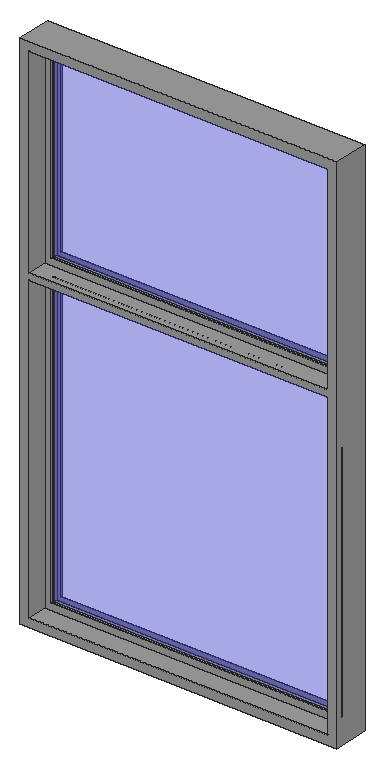
Revit family "SFH 4 FX004", category Windows, host Wall, Revit 2015
Parameters
  Wall Thickness [instance] = 0' - 6"
  URL = "obe.com"
  Transom Height = 2' - 0"
  Rough Width = Width + 0' 0 1/2"  # 3' - 0 1/2"
  Rough Height = Height + 0' 0 1/2"  # 5' - 0 1/2"
  Offset Limitation [instance] = if((Offset + 0' 4") > Wall Thickness, (Wall Thickness - 0' 4"), Offset)  # 0' - 0"
  Offset [instance] = 0' - 0"
  Model = "SS_4_FX"
  Manufacturer = "Oldcastle Building Envelope®"
  Keynote = "085100"
  Height = Fixed Height + Transom Height  # 5' - 0"
  Glass Material = Glass
  Gasket Material = Gasket
  Frame Material = Aluminum
  Fixed Height = 3' - 0"
  Description = "SIGNATURE FIXED HUNG 4\""
  Default Sill Height = 3' - 0"
  Wall Closure = By host
  Width = 3' - 0"
  Assembly Code = "B2020"
Reference planes (in)
  plane 1 "Center (Front/Back)": y = 0
  plane 2: z = 0
  plane 3 "Center (Left/Right)": x = 0
  plane 4 "Left": x = -18.25
  plane 5 "Right": x = 18.25
  plane 6 "Sill": z = 36
  plane 7 "Top": z = 96.5
  plane 8 "Offset": y = 3
  plane 9: x = 18
  plane 10: z = 96.25
  plane 11: x = -18
  plane 12: z = 36.25
  plane 13 "Center": z = 72.25
  plane 14: z = 37.312
  plane 15: z = 71.6255
  plane 16: z = 72.8745
  plane 17: z = 95.188
Forms (in)
  Sweep 1, solid, material "Aluminum" <- "Frame Material"
    path origin (0, 3, 0) x (1, 0, 0) y (0, 0, 1)
      loop
        line (18.25, 36.25) -> (-18.25, 36.25)
    profile origin (0, 3, 36.25) x (0, 0, -1) y (0, -1, 0)
      loop
        line (0.25, 4) -> (-0.8125, 4) -> (-0.8125, 1.781) -> (-1.5625, 1.781) -> (-1.5625, 1.41812) -> (-1.062, 1.41812) -> (-1.062, 0.3125) -> (-1.5625, 0.3125) -> (-1.5625, 0.1875) -> (-0.8125, 0.1875) -> (-0.8125, 0) -> (0.25, 0) -> (0.25, 4)
  Sweep 2, solid, material "Aluminum" <- "Frame Material"
    path origin (0, 3, 0) x (1, 0, 0) y (0, 0, 1)
      loop
        line (-18.25, 96.25) -> (18.25, 96.25)
    profile origin (0, 3, 96.25) x (0, 0, 1) y (0, -1, 0)
      loop
        line (0.25, 4) -> (-0.8125, 4) -> (-0.8125, 1.781) -> (-1.5625, 1.781) -> (-1.5625, 1.41812) -> (-1.062, 1.41812) -> (-1.062, 0.3125) -> (-1.5625, 0.3125) -> (-1.5625, 0.1875) -> (-0.8125, 0.1875) -> (-0.8125, 0) -> (0.25, 0) -> (0.25, 4)
  Sweep 3, solid, material "Aluminum" <- "Frame Material"
    path origin (0, 3, 0) x (1, 0, 0) y (0, 0, 1)
      loop
        line (-18.25, 72.25) -> (18.25, 72.25)
    profile origin (0, 3, 72.25) x (0, 0, 1) y (0, -1, 0)
      loop
        line (-0.375, 4) -> (-0.375, 1.781) -> (-1.125, 1.781) -> (-1.125, 1.41813) -> (-0.6245, 1.41813) -> (-0.6245, 0.3125) -> (-1.125, 0.3125) -> (-1.125, 0.1875) -> (1.125, 0.1875) -> (1.125, 0.3125) -> (0.6245, 0.3125) -> (0.6245, 1.41813) -> (1.125, 1.41813) -> (1.125, 1.781) -> (0.375, 1.781) -> (0.375, 4) -> (-0.375, 4)
  Extrusion 4, solid, material "Glass" <- "Glass Material", detail levels coarse
    sketch origin (0, 0, 36) x (0, -1, 0) y (1, 0, 0)
      loop
        line (-2.6875, 16.938) -> (-2.6875, -16.938) -> (-1.6875, -16.938) -> (-1.6875, 16.938) -> (-2.6875, 16.938)
    from 1.312 to 35.6255
  Extrusion 5, solid, material "Glass" <- "Glass Material", detail levels coarse
    sketch origin (0, 0, 60.36634) x (0, -1, 0) y (1, 0, 0)
      loop
        line (-2.6875, 16.938) -> (-2.6875, -16.938) -> (-1.6875, -16.938) -> (-1.6875, 16.938) -> (-2.6875, 16.938)
    from 12.50816 to 34.82166
  Sweep 6, solid, material "Gasket" <- "Gasket Material", detail levels fine
    path origin (0, 3, 0) x (1, 0, 0) y (0, 0, 1)
      loop
        line (16.4375, 94.6875) -> (-16.4375, 94.6875) -> (-16.4375, 73.375) -> (16.4375, 73.375) -> (16.4375, 94.6875)
    profile origin (0, 3, 94.6875) x (0, 0, -1) y (0, -1, 0)
      loop
        arc (-0.23735, 1.41812) -> (-0.25646, 1.36372) -> (-0.22996, 1.3125) r 0.07273
        line (-0.22996, 1.3125) -> (-0.12293, 1.3125)
        arc (-0.12293, 1.3125) -> (-0.09161, 1.36298) -> (-0.11369, 1.41812) r 0.06584
        line (-0.11369, 1.41812) -> (-0.23735, 1.41812)
  Sweep 7, solid, material "Gasket" <- "Gasket Material", detail levels fine
    path origin (0, 3, 0) x (1, 0, 0) y (0, 0, 1)
      loop
        line (16.4375, 71.125) -> (-16.4375, 71.125) -> (-16.4375, 37.8125) -> (16.4375, 37.8125) -> (16.4375, 71.125)
    profile origin (0, 3, 71.125) x (0, 0, -1) y (0, -1, 0)
      loop
        arc (-0.23742, 1.41812) -> (-0.25737, 1.36311) -> (-0.228, 1.3125) r 0.06915
        line (-0.228, 1.3125) -> (-0.122, 1.3125)
        arc (-0.122, 1.3125) -> (-0.09392, 1.36323) -> (-0.11258, 1.41812) r 0.07165
        line (-0.11258, 1.41812) -> (-0.23742, 1.41812)
  Sweep 8, solid, material "Aluminum" <- "Frame Material"
    path origin (0, 3, 0) x (1, 0, 0) y (0, 0, 1)
      loop
        line (18, 96.5) -> (18, 36)
    profile origin (18, 3, 66.25) x (0, -1, 0) y (1, 0, 0)
      loop
        line (0, -0.8125) -> (0.1875, -0.8125) -> (0.1875, -1.5625) -> (0.3125, -1.5625) -> (0.3125, -1.062) -> (1.41813, -1.062) -> (1.41813, -1.5625) -> (1.781, -1.5625) -> (1.781, -0.8125) -> (4, -0.8125) -> (4, 0.25) -> (0, 0.25) -> (0, -0.8125)
  Sweep 9, solid, material "Aluminum" <- "Frame Material"
    path origin (0, 3, 0) x (1, 0, 0) y (0, 0, 1)
      loop
        line (-18, 96.5) -> (-18, 36)
    profile origin (-18, 3, 66.25) x (0, -1, 0) y (1, 0, 0)
      loop
        line (0, -0.25) -> (4, -0.25) -> (4, 0.8125) -> (1.781, 0.8125) -> (1.781, 1.5625) -> (1.41812, 1.5625) -> (1.41812, 1.062) -> (0.3125, 1.062) -> (0.3125, 1.5625) -> (0.1875, 1.5625) -> (0.1875, 0.8125) -> (0, 0.8125) -> (0, -0.25)
  Extrusion 10, solid, material "Glass" <- "Glass Material", detail levels medium+fine
    sketch origin (0, 0, 36) x (0, -1, 0) y (1, 0, 0)
      loop
        line (-2.6875, -16.938) -> (-2.5625, -16.938) -> (-2.5625, 16.938) -> (-2.6875, 16.938) -> (-2.6875, -16.938)
      loop
        line (-1.6875, 16.938) -> (-1.8125, 16.938) -> (-1.8125, -16.938) -> (-1.6875, -16.938) -> (-1.6875, 16.938)
    from 1.312 to 35.6255
  Extrusion 11, solid, material "Glass" <- "Glass Material", detail levels medium+fine
    sketch origin (0, 0, 0) x (1, 0, 0) y (0, 1, 0)
      loop
        line (-16.938, 2.6875) -> (-16.938, 2.5625) -> (16.938, 2.5625) -> (16.938, 2.6875) -> (-16.938, 2.6875)
      loop
        line (16.938, 1.8125) -> (-16.938, 1.8125) -> (-16.938, 1.6875) -> (16.938, 1.6875) -> (16.938, 1.8125)
    from 72.8745 to 95.188
Cuts and joins
  joined: Sweep 1, Sweep 2, Sweep 3, Sweep 8, Sweep 9
Lines and regions (in)
  Opening 1
    outline origin (-60, -3, 0) x (1, 0, 0) y (0, 0, 1)
      loop
        line (41.75, 96.5) -> (41.75, 36) -> (78.25, 36) -> (78.25, 96.5) -> (41.75, 96.5)
Text (in)
  text "EXTERIOR" at (-58.6888, 50.90694, 0), in view "Ref. Level"
  text "INTERIOR" at (-58.6888, -37.76638, 0), in view "Ref. Level"
  text "Exterior" at (0, 43.65631, 123.19604), in view "Left"
  text "Exterior" at (0, 18.29385, 125.04747), in view "Right"
Dimensions and locks (in)
  equal spacing: plane 4 "Left", plane 3 "Center (Left/Right)", plane 5 "Right"
  "Rough Width": plane 4 "Left" to plane 5 "Right"
  "Default Sill Height": plane 2 to plane 6 "Sill"
  "Offset Limitation": plane 8 "Offset" to host wall
  "Wall Thickness": host wall to host wall
  locked: plane 9 to plane 5 "Right" at 0.25
  locked: plane 6 "Sill" to plane 12 at 0.25
  "Fixed Height": plane 12 to plane 13 "Center"
  "Transom Height": plane 13 "Center" to plane 10
  "Rough Height": plane 6 "Sill" to plane 7 "Top"
  "Width": plane 11 to plane 9
  Extrusion 4 sketch curve to Extrusion 4 sketch curve to plane 8 "Offset" = 0' - 1" locked, 0' - 0 5/16" locked
  Extrusion 5 sketch curve to Extrusion 5 sketch curve to plane 8 "Offset" = 0' - 1" locked, 0' - 0 5/16" locked
  locked: plane 12 to plane 14 at 1.062
  plane 16 to plane 13 "Center" to plane 15 = 0' - 0.6245" locked, 0' - 0.6245" locked
  locked: plane 10 to plane 17 at 1.062
  plane 8 "Offset" to Extrusion 10 sketch curve to Extrusion 10 sketch curve to Extrusion 10 sketch curve to Extrusion 10 sketch curve = 0' - 0 5/16" locked, 0' - 0 1/8" locked, 0' - 0 3/4" locked, 0' - 0 1/8" locked
  Extrusion 11 sketch curve to Extrusion 11 sketch curve to Extrusion 11 sketch curve to Extrusion 11 sketch curve to plane 8 "Offset" = 0' - 0 1/8" locked, 0' - 0 3/4" locked, 0' - 0 1/8" locked, 0' - 0 5/16" locked
  aligned and locked: plane 7 "Top" to Opening 1 sketch curve
  aligned and locked: plane 6 "Sill" to Opening 1 sketch curve  (x2)
  aligned and locked: plane 5 "Right" to Opening 1 sketch curve
  aligned and locked: plane 4 "Left" to Opening 1 sketch curve
  aligned and locked: level to plane 2
  aligned and locked: plane 8 "Offset" to nested 2
  aligned and locked: plane 12 to nested 2
  aligned and locked: plane 12 to Sweep 1 sketch curve
  aligned and locked: Sweep 3 sketch curve to plane 13 "Center"
  aligned and locked: plane 14 to Extrusion 4
  aligned and locked: plane 15 to Extrusion 4
  aligned and locked: Extrusion 5 to plane 16
  aligned and locked: plane 17 to Extrusion 5
  aligned and locked: plane 12 to nested 1
  aligned and locked: plane 3 "Center (Left/Right)" to nested 1
  aligned and locked: plane 8 "Offset" to nested 1
  aligned and locked: plane 14 to Extrusion 10
  aligned and locked: plane 15 to Extrusion 10
  aligned and locked: Extrusion 11 to plane 16
  aligned and locked: plane 17 to Extrusion 11
  aligned and locked: plane 3 "Center (Left/Right)" to nested 2
Automatic sketch dimensions
  plane 4 "Left" to Sweep 1 sketch curve = 0' - 0"
  plane 5 "Right" to Sweep 1 sketch curve = 0' - 0"
  Sweep 1 sketch curve to plane 8 "Offset" = 0' - 0"
  plane 8 "Offset" to Sweep 1 sketch curve = 0' - 0 5/16"
  profile plane to Sweep 1 sketch curve = 0' - 1 9/16"
  Sweep 1 sketch curve to Sweep 1 sketch curve = 0' - 0"
  Sweep 1 sketch curve to Sweep 1 sketch curve = 0' - 0.5005"
  profile plane to Sweep 1 sketch curve = 0' - 0 13/16"
  Sweep 1 sketch curve to Sweep 1 sketch curve = 0' - 0.2495"
  Sweep 1 sketch curve to profile plane = 0' - 0 1/4"
  Sweep 1 sketch curve to Sweep 1 sketch curve = 0' - 0 3/16"
  Sweep 1 sketch curve to Sweep 1 sketch curve = 0' - 1.10562"
  Sweep 1 sketch curve to Sweep 1 sketch curve = 0' - 0.36288"
  Sweep 1 sketch curve to Sweep 1 sketch curve = 0' - 2.219"
  plane 4 "Left" to Sweep 2 sketch curve = 0' - 0"
  plane 5 "Right" to Sweep 2 sketch curve = 0' - 0"
  Sweep 2 sketch curve to plane 10 = 0' - 0"
  Sweep 2 sketch curve to plane 8 "Offset" = 0' - 0"
  plane 8 "Offset" to Sweep 2 sketch curve = 0' - 0 5/16"
  profile plane to Sweep 2 sketch curve = 0' - 1 9/16"
  Sweep 2 sketch curve to Sweep 2 sketch curve = 0' - 0"
  Sweep 2 sketch curve to Sweep 2 sketch curve = 0' - 0.5005"
  profile plane to Sweep 2 sketch curve = 0' - 0 13/16"
  Sweep 2 sketch curve to Sweep 2 sketch curve = 0' - 0.2495"
  Sweep 2 sketch curve to profile plane = 0' - 0 1/4"
  Sweep 2 sketch curve to Sweep 2 sketch curve = 0' - 0 3/16"
  Sweep 2 sketch curve to Sweep 2 sketch curve = 0' - 1.10562"
  Sweep 2 sketch curve to Sweep 2 sketch curve = 0' - 0.36288"
  Sweep 2 sketch curve to Sweep 2 sketch curve = 0' - 2.219"
  plane 4 "Left" to Sweep 3 sketch curve = 0' - 0"
  plane 5 "Right" to Sweep 3 sketch curve = 0' - 0"
  plane 8 "Offset" to Sweep 3 sketch curve = 0' - 0 3/16"
  profile plane to Sweep 3 sketch curve = 0' - 1 1/8"  (x2)
  Sweep 3 sketch curve to Sweep 3 sketch curve = 0' - 0.5005"  (x3)
  profile plane to Sweep 3 sketch curve = 0' - 0 3/8"
  Sweep 3 sketch curve to profile plane = 0' - 0 3/8"
  Sweep 3 sketch curve to Sweep 3 sketch curve = 0' - 0.2495"
  Sweep 3 sketch curve to Sweep 3 sketch curve = 0' - 0 1/8"  (x2)
  Sweep 3 sketch curve to Sweep 3 sketch curve = 0' - 1.10562"  (x2)
  Sweep 3 sketch curve to Sweep 3 sketch curve = 0' - 0.36287"
  Sweep 3 sketch curve to Sweep 3 sketch curve = 0' - 0.36288"
  Sweep 3 sketch curve to Sweep 3 sketch curve = 0' - 2.219"
  Extrusion 4 sketch curve to plane 11 = 0' - 1.062"
  plane 9 to Extrusion 4 sketch curve = 0' - 1.062"
  Extrusion 5 sketch curve to plane 11 = 0' - 1.062"
  plane 9 to Extrusion 5 sketch curve = 0' - 1.062"
  Sweep 6 sketch curve to plane 17 = 0' - 0.5005"
  Sweep 6 sketch curve to plane 11 = 0' - 1 9/16"
  plane 16 to Sweep 6 sketch curve = 0' - 0.5005"
  plane 9 to Sweep 6 sketch curve = 0' - 1 9/16"
  profile plane to Sweep 6 sketch curve = 0' - 0.22996"
  Sweep 6 sketch curve to Sweep 6 sketch curve = 0' - 0.04606"
  Sweep 6 sketch curve to Sweep 6 sketch curve = 0' - 0.0267"
  Sweep 6 sketch curve to Sweep 6 sketch curve = 0' - 0.03427"
  plane 8 "Offset" to Sweep 6 sketch curve = 0' - 1 5/16"
  Sweep 6 sketch curve to Sweep 6 sketch curve = 0' - 0.00008"
  Sweep 6 sketch curve to Sweep 6 sketch curve = 0' - 0.05344"
  Sweep 6 sketch curve to Sweep 6 sketch curve = 0' - 0.04352"
  Sweep 7 sketch curve to plane 15 = 0' - 0.5005"
  Sweep 7 sketch curve to plane 11 = 0' - 1 9/16"
  Sweep 7 sketch curve to plane 14 = 0' - 0.5005"
  plane 9 to Sweep 7 sketch curve = 0' - 1 9/16"
  profile plane to Sweep 7 sketch curve = 0' - 0.228"
  Sweep 7 sketch curve to Sweep 7 sketch curve = 0' - 0.03951"
  Sweep 7 sketch curve to Sweep 7 sketch curve = 0' - 0.02321"
  Sweep 7 sketch curve to Sweep 7 sketch curve = 0' - 0.04328"
  plane 8 "Offset" to Sweep 7 sketch curve = 0' - 1 5/16"
  Sweep 7 sketch curve to Sweep 7 sketch curve = 0' - 0.00034"
  Sweep 7 sketch curve to Sweep 7 sketch curve = 0' - 0.04893"
  Sweep 7 sketch curve to Sweep 7 sketch curve = 0' - 0.05271"
  Sweep 8 sketch curve to plane 6 "Sill" = 0' - 0"
  Sweep 8 sketch curve to plane 7 "Top" = 0' - 0"
  plane 8 "Offset" to Sweep 8 sketch curve = 0' - 0"
  plane 8 "Offset" to Sweep 8 sketch curve = 0' - 0 3/16"
  Sweep 8 sketch curve to Sweep 8 sketch curve = 0' - 0 1/8"
  Sweep 8 sketch curve to Sweep 8 sketch curve = 0' - 1.10563"
  Sweep 8 sketch curve to Sweep 8 sketch curve = 0' - 0.36288"
  profile plane to Sweep 8 sketch curve = 0' - 0 13/16"
  Sweep 8 sketch curve to Sweep 8 sketch curve = 0' - 2.219"
  Sweep 8 sketch curve to Sweep 8 sketch curve = 0' - 0.2495"  (x2)
  Sweep 8 sketch curve to Sweep 8 sketch curve = 0' - 0.5005"  (x2)
  Sweep 8 sketch curve to profile plane = 0' - 0 1/4"
  plane 9 to Sweep 8 sketch curve = 0' - 0"
  Sweep 9 sketch curve to plane 6 "Sill" = 0' - 0"
  plane 11 to Sweep 9 sketch curve = 0' - 0"
  Sweep 9 sketch curve to plane 7 "Top" = 0' - 0"
  profile plane to Sweep 9 sketch curve = 0' - 0 1/4"
  plane 8 "Offset" to Sweep 9 sketch curve = 0' - 4"
  Sweep 9 sketch curve to profile plane = 0' - 0 13/16"
  plane 8 "Offset" to Sweep 9 sketch curve = 0' - 1.781"
  plane 8 "Offset" to Sweep 9 sketch curve = 0' - 0 3/16"
  Sweep 9 sketch curve to Sweep 9 sketch curve = 0' - 0 1/8"
  Sweep 9 sketch curve to Sweep 9 sketch curve = 0' - 0.2495"
  Sweep 9 sketch curve to Sweep 9 sketch curve = 0' - 0.5005"
  Sweep 9 sketch curve to Sweep 9 sketch curve = 0' - 0"
  Sweep 9 sketch curve to Sweep 9 sketch curve = 0' - 0 3/4"
  plane 8 "Offset" to Sweep 9 sketch curve = 0' - 0"
  Sweep 9 sketch curve to Sweep 9 sketch curve = 0' - 0.36288"
  Extrusion 10 sketch curve to plane 11 = 0' - 1.062"
  Extrusion 10 sketch curve to Extrusion 10 sketch curve = 0' - 0"  (x2)
  plane 9 to Extrusion 10 sketch curve = 0' - 1.062"
  Extrusion 11 sketch curve to plane 11 = 0' - 1.062"
  Extrusion 11 sketch curve to Extrusion 11 sketch curve = 0' - 0"  (x2)
  plane 9 to Extrusion 11 sketch curve = 0' - 1.062"
Nested families (in)
  nested 1: "SFH 4-Plan view" at (0, 3, 0.25), Height <- "Height", Width <- "Width", Default Sill Height <- "Default Sill Height", type "SFH 4-Plan view"
    with Width 3' - 0", Height 5' - 0", Default Sill Height 3' - 0"
  nested 2: "SFH 4-Section Fixed" at (0, 3, 0.25), Default Sill Height <- "Default Sill Height", Fixed Height <- "Fixed Height", Transom Height <- "Transom Height", Width <- "Width", type "SFH 4-Section Fixed"
    with Width 3' - 0", Transom Height 2' - 0", Fixed Height 3' - 0", Default Sill Height 3' - 0"
Definition of nested family "SFH 4-Plan view"
  Parameters (values of type "SFH 4-Plan view")
    Width [instance] = 3' - 0"
    Height [instance] = 5' - 0"
    Default Sill Height [instance] = 3' - 0"
    Analytic Construction = "<None>"
  Reference planes (in)
    plane 1 "Center (Front/Back)": y = 0
    plane 2: z = 0
    plane 3 "Center (Left/Right)": x = 0
    plane 4: z = 36
  Lines and regions (in)
    model lines, not visible
      curve 1: line (0, 0, 96) -> (0, 0, 36)
  Dimensions and locks (in)
    "Default Sill Height": plane 4 to plane 2
    "Height": plane 4 to curve 1
    aligned and locked: plane 2 to level
    aligned and locked: plane 3 "Center (Left/Right)" to nested 1
    aligned and locked: plane 1 "Center (Front/Back)" to nested 1
    aligned and locked: plane 4 to curve 1
    aligned and locked: curve 1 to plane 1 "Center (Front/Back)"
  Nested families (in)
    nested 1: "SFH 4-Plan View" at (-18, 0, 0), Width <- "Width", type "SFH 4-Plan View"
      with Width 3' - 0"
  Definition of nested family "SFH 4-Plan View"
    Parameters (values of type "SFH 4-Plan View")
      Width [instance] = 3' - 0"
    Reference planes (in)
      plane 1 "Center (Front/Back)": y = 0
      plane 2: z = 0
      plane 3 "Left": x = 0
      plane 4: x = 36
      plane 5: x = 34.938
      plane 6: x = 1.062
      plane 7 "Center (Left/Right)": x = 18
    Lines and regions (in)
      detail lines, in view "Ref. Level"
        curve 1: line (34.938, -0.3125, 0) -> (1.062, -0.3125, 0)
        curve 4: line (34.938, -1.3125, 0) -> (1.062, -1.3125, 0)
      detail lines, in view "Ref. Level", detail levels medium+fine
        curve 2: line (34.938, -0.4375, 0) -> (1.062, -0.4375, 0)
        curve 3: line (34.938, -1.1875, 0) -> (1.062, -1.1875, 0)
    Dimensions and locks (in)
      "Width": plane 3 "Left" to plane 4
      locked: plane 3 "Left" to plane 6 at 1.062
      locked: plane 5 to plane 4 at 1.062
      equal spacing: plane 3 "Left", plane 7 "Center (Left/Right)", plane 4
      aligned and locked: plane 6 to curve 1
      aligned and locked: plane 6 to curve 2
      aligned and locked: plane 6 to curve 3
      aligned and locked: plane 6 to curve 4
      aligned and locked: plane 5 to curve 1
      aligned and locked: plane 5 to curve 2
      aligned and locked: plane 5 to curve 3
      aligned and locked: nested 1 to plane 3 "Left"
      aligned and locked: nested 1 to plane 1 "Center (Front/Back)"
      aligned and locked: nested 2 to plane 4
      aligned and locked: nested 2 to plane 1 "Center (Front/Back)"
    Automatic sketch dimensions
      plane 1 "Center (Front/Back)" to curve 1 = 0' - 0 5/16"
      curve 3 to curve 4 = 0' - 0"
      curve 2 to curve 1 = 0' - 0 1/8"
      curve 3 to curve 2 = 0' - 0 3/4"
      curve 4 to curve 3 = 0' - 0 1/8"
    Nested families (in)
      nested 1: "SFH 4-JAMB R" at (0, 0, 0) x (-1, 0, 0) z (0, 0, 1), type "SFH 4-JAMB R", in view "Ref. Level"
      nested 2: "SFH 4-JAMB L" at (36, 0, 0) x (-1, 0, 0) z (0, 0, 1), type "SFH 4-JAMB L", in view "Ref. Level"
    Definition of nested family "SFH 4-JAMB R"
      Reference planes (in)
        plane 1 "Center (Front/Back)": y = 0
        plane 2: z = 0
        plane 3 "Center (Left/Right)": x = 0
      Lines and regions (in)
        detail lines, in view "Ref. Level"
          curve 1: line (0.25, 4, 0) -> (-0.8125, 4, 0)
          curve 2: line (-0.8125, 4, 0) -> (-0.8125, 1.781, 0)
          curve 3: line (-0.8125, 1.781, 0) -> (-1.5625, 1.781, 0)
          curve 4: line (-1.5625, 1.781, 0) -> (-1.5625, 1.3125, 0)
          curve 5: line (-1.5625, 1.3125, 0) -> (-1.062, 1.3125, 0)
          curve 6: line (-1.062, 1.3125, 0) -> (-1.062, 0.3125, 0)
          curve 7: line (-1.062, 0.3125, 0) -> (-1.5625, 0.3125, 0)
          curve 8: line (-1.5625, 0.3125, 0) -> (-1.5625, 0.1875, 0)
          curve 9: line (-1.5625, 0.1875, 0) -> (-0.8125, 0.1875, 0)
          curve 10: line (-0.8125, 0.1875, 0) -> (-0.8125, 0, 0)
          curve 11: line (-0.8125, 0, 0) -> (0.25, 0, 0)
          curve 12: line (0.25, 0, 0) -> (0.25, 4, 0)
    Definition of nested family "SFH 4-JAMB L"
      Reference planes (in)
        plane 1 "Center (Front/Back)": y = 0
        plane 2: z = 0
        plane 3 "Center (Left/Right)": x = 0
      Lines and regions (in)
        detail lines, in view "Ref. Level"
          curve 1: line (-0.25, 4, 0) -> (0.8125, 4, 0)
          curve 2: line (0.8125, 4, 0) -> (0.8125, 1.781, 0)
          curve 3: line (0.8125, 1.781, 0) -> (1.5625, 1.781, 0)
          curve 4: line (1.5625, 1.781, 0) -> (1.5625, 1.3125, 0)
          curve 5: line (1.5625, 1.3125, 0) -> (1.062, 1.3125, 0)
          curve 6: line (1.062, 1.3125, 0) -> (1.062, 0.3125, 0)
          curve 7: line (1.062, 0.3125, 0) -> (1.5625, 0.3125, 0)
          curve 8: line (1.5625, 0.3125, 0) -> (1.5625, 0.1875, 0)
          curve 9: line (1.5625, 0.1875, 0) -> (0.8125, 0.1875, 0)
          curve 10: line (0.8125, 0.1875, 0) -> (0.8125, 0, 0)
          curve 11: line (0.8125, 0, 0) -> (-0.25, 0, 0)
          curve 12: line (-0.25, 0, 0) -> (-0.25, 4, 0)
Definition of nested family "SFH 4-Section Fixed"
  Parameters (values of type "SFH 4-Section Fixed")
    Width [instance] = 4' - 0"
    Transom Height [instance] = 3' - 0"
    Fixed Height [instance] = 3' - 0"
    Default Sill Height [instance] = 4' - 0"
    Analytic Construction = "<None>"
  Reference planes (in)
    plane 1 "Center (Front/Back)": y = 0
    plane 2: z = 0
    plane 3 "Center (Left/Right)": x = 0
    plane 4: z = 48
  Lines and regions (in)
    model lines, not visible
      curve 1: line (-24, 0, 0) -> (24, 0, 0)
  Dimensions and locks (in)
    equal spacing: curve 1, plane 3 "Center (Left/Right)", curve 1
    "Width": curve 1 to curve 1
    "Default Sill Height": plane 4 to plane 2
    aligned and locked: plane 2 to level
    aligned and locked: nested 1 to plane 4
    aligned and locked: nested 1 to plane 1 "Center (Front/Back)"
    aligned and locked: plane 1 "Center (Front/Back)" to curve 1
  Nested families (in)
    nested 1: "SFH 4-Section Fixed" at (0, 0, 48) x (0, -1, 0) z (1, 0, 0), Transom Height <- "Transom Height", Fixed Height <- "Fixed Height", type "SFH 4-Section Fixed"
      with Transom Height 3' - 0", Fixed Height 3' - 0"
  Definition of nested family "SFH 4-Section Fixed"
    Parameters (values of type "SFH 4-Section Fixed_Operable")
      Transom Height [instance] = 2' - 0"
      Fixed Height [instance] = 2' - 0"
    Reference planes (in)
      plane 1 "Center (Front/Back)": y = 0
      plane 2: z = 0
      plane 3 "Center (Left/Right)": x = 0
      plane 4: y = 48
      plane 5: y = 46.938
      plane 6: y = 1.062
      plane 7: y = 24
      plane 8: y = 24.6245
      plane 9: y = 23.3755
    Lines and regions (in)
      detail lines, in view "Ref. Level"
        curve 1: line (0.3125, 24.6245, 0) -> (0.3125, 46.938, 0)
        curve 2: line (0.4375, 24.6245, 0) -> (0.4375, 46.938, 0)
        curve 3: line (1.1875, 24.6245, 0) -> (1.1875, 46.938, 0)
        curve 4: line (1.3125, 24.6245, 0) -> (1.3125, 46.938, 0)
        curve 5: line (0.3125, 23.3755, 0) -> (0.3125, 1.062, 0)
        curve 6: line (0.4375, 23.3755, 0) -> (0.4375, 1.062, 0)
        curve 7: line (1.1875, 23.3755, 0) -> (1.1875, 1.062, 0)
        curve 8: line (1.3125, 23.3755, 0) -> (1.3125, 1.062, 0)
    Dimensions and locks (in)
      "Fixed Height": plane 1 "Center (Front/Back)" to plane 7
      locked: plane 6 to plane 1 "Center (Front/Back)" at 1.062
      locked: plane 4 to plane 5 at 1.062
      "Transom Height": plane 4 to plane 7
      plane 8 to plane 7 to plane 9 = 0' - 0.6245" locked, 0' - 0.6245" locked
      locked: plane 3 "Center (Left/Right)" to nested 3 at 0.1875
      aligned and locked: plane 1 "Center (Front/Back)" to nested 1
      aligned and locked: plane 3 "Center (Left/Right)" to nested 1
      aligned and locked: nested 2 to plane 4
      aligned and locked: plane 3 "Center (Left/Right)" to nested 2
      aligned and locked: nested 3 to plane 7
      aligned and locked: plane 8 to curve 4
      aligned and locked: plane 8 to curve 3
      aligned and locked: plane 8 to curve 2
      aligned and locked: plane 8 to curve 1
      aligned and locked: plane 5 to curve 4
      aligned and locked: plane 5 to curve 3
      aligned and locked: plane 5 to curve 2
      aligned and locked: plane 5 to curve 1
      aligned and locked: plane 9 to curve 8
      aligned and locked: plane 9 to curve 7
      aligned and locked: plane 9 to curve 6
      aligned and locked: plane 9 to curve 5
      aligned and locked: plane 6 to curve 8
      aligned and locked: plane 6 to curve 7
      aligned and locked: plane 6 to curve 6
      aligned and locked: plane 6 to curve 5
    Automatic sketch dimensions
      plane 3 "Center (Left/Right)" to curve 1 = 0' - 0 5/16"
      plane 3 "Center (Left/Right)" to curve 5 = 0' - 0 5/16"
      curve 5 to curve 6 = 0' - 0 1/8"
      curve 1 to curve 2 = 0' - 0 1/8"
      curve 6 to curve 7 = 0' - 0 3/4"
      curve 2 to curve 3 = 0' - 0 3/4"
      curve 3 to curve 4 = 0' - 0 1/8"
      curve 7 to curve 8 = 0' - 0 1/8"
    Nested families (in)
      nested 1: "SFH 4-SILL" at (0, 0, 0), type "SFH 4-SILL", in view "Ref. Level"
      nested 2: "SFH 4-HEAD" at (0, 48, 0), type "SFH 4-HEAD", in view "Ref. Level"
      nested 3: "SFH 4-HORIZONTAL" at (0.1875, 24, 0), type "SFH 4-HORIZONTAL", in view "Ref. Level"
    Definition of nested family "SFH 4-SILL"
      Reference planes (in)
        plane 1 "Center (Front/Back)": y = 0
        plane 2: z = 0
        plane 3 "Center (Left/Right)": x = 0
      Lines and regions (in)
        detail lines, in view "Ref. Level"
          curve 1: line (4, 0.8125, 0) -> (1.781, 0.8125, 0)
          curve 2: line (1.781, 0.8125, 0) -> (1.781, 1.5625, 0)
          curve 3: line (1.781, 1.5625, 0) -> (1.3125, 1.5625, 0)
          curve 4: line (1.3125, 1.5625, 0) -> (1.3125, 1.062, 0)
          curve 5: line (1.3125, 1.062, 0) -> (0.3125, 1.062, 0)
          curve 6: line (0.3125, 1.062, 0) -> (0.3125, 1.5625, 0)
          curve 7: line (0.3125, 1.5625, 0) -> (0.1875, 1.5625, 0)
          curve 8: line (0.1875, 1.5625, 0) -> (0.1875, 0.8125, 0)
          curve 9: line (0.1875, 0.8125, 0) -> (0, 0.8125, 0)
          curve 10: line (0, 0.8125, 0) -> (0, -0.25, 0)
          curve 11: line (0, -0.25, 0) -> (4, -0.25, 0)
          curve 12: line (4, -0.25, 0) -> (4, 0.8125, 0)
    Definition of nested family "SFH 4-HEAD"
      Reference planes (in)
        plane 1 "Center (Front/Back)": y = 0
        plane 2: z = 0
        plane 3 "Center (Left/Right)": x = 0
      Lines and regions (in)
        detail lines, in view "Ref. Level"
          curve 1: line (4, 0.25, 0) -> (0, 0.25, 0)
          curve 2: line (0, 0.25, 0) -> (0, -0.8125, 0)
          curve 3: line (0, -0.8125, 0) -> (0.1875, -0.8125, 0)
          curve 4: line (0.1875, -0.8125, 0) -> (0.1875, -1.5625, 0)
          curve 5: line (0.1875, -1.5625, 0) -> (0.3125, -1.5625, 0)
          curve 6: line (0.3125, -1.5625, 0) -> (0.3125, -1.062, 0)
          curve 7: line (0.3125, -1.062, 0) -> (1.3125, -1.062, 0)
          curve 8: line (1.3125, -1.062, 0) -> (1.3125, -1.5625, 0)
          curve 9: line (1.3125, -1.5625, 0) -> (1.781, -1.5625, 0)
          curve 10: line (1.781, -1.5625, 0) -> (1.781, -0.8125, 0)
          curve 11: line (1.781, -0.8125, 0) -> (4, -0.8125, 0)
          curve 12: line (4, -0.8125, 0) -> (4, 0.25, 0)
    Definition of nested family "SFH 4-HORIZONTAL"
      Reference planes (in)
        plane 1 "Center (Front/Back)": y = 0
        plane 2: z = 0
        plane 3 "Center (Left/Right)": x = 0
      Lines and regions (in)
        detail lines, in view "Ref. Level"
          curve 1: line (1.125, 0.6245, 0) -> (0.125, 0.6245, 0)
          curve 2: line (0.125, 0.6245, 0) -> (0.125, 1.125, 0)
          curve 3: line (0.125, 1.125, 0) -> (0, 1.125, 0)
          curve 4: line (0, 1.125, 0) -> (0, -1.125, 0)
          curve 5: line (0, -1.125, 0) -> (0.125, -1.125, 0)
          curve 6: line (0.125, -1.125, 0) -> (0.125, -0.6245, 0)
          curve 7: line (0.125, -0.6245, 0) -> (1.125, -0.6245, 0)
          curve 8: line (1.125, -0.6245, 0) -> (1.125, -1.125, 0)
          curve 9: line (1.125, -1.125, 0) -> (1.5935, -1.125, 0)
          curve 10: line (1.5935, -1.125, 0) -> (1.5935, -0.375, 0)
          curve 11: line (1.5935, -0.375, 0) -> (3.8125, -0.375, 0)
          curve 12: line (3.8125, -0.375, 0) -> (3.8125, 0.375, 0)
          curve 13: line (3.8125, 0.375, 0) -> (1.5935, 0.375, 0)
          curve 14: line (1.5935, 0.375, 0) -> (1.5935, 1.125, 0)
          curve 15: line (1.5935, 1.125, 0) -> (1.125, 1.125, 0)
          curve 16: line (1.125, 1.125, 0) -> (1.125, 0.6245, 0)
